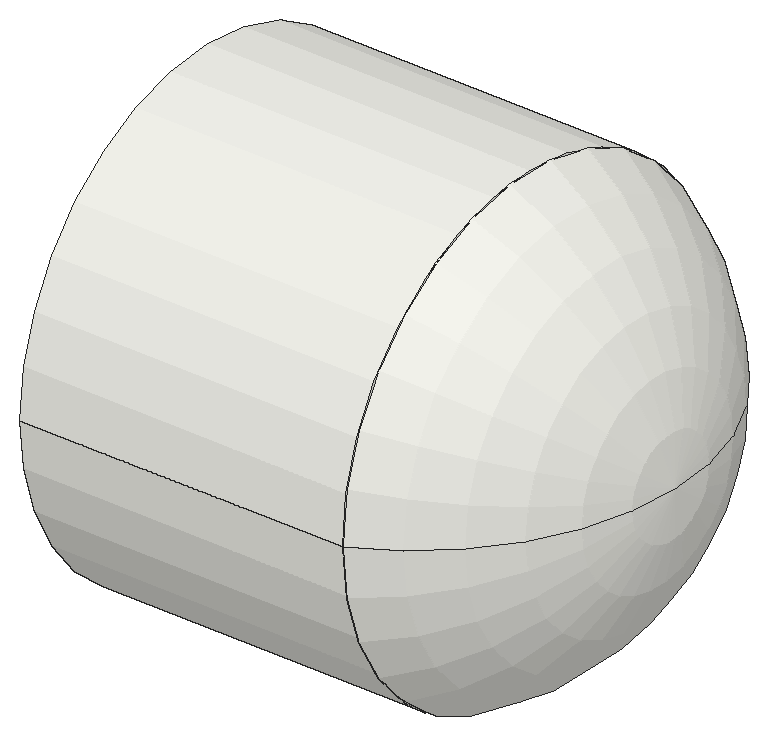
Revit family "PVC_Cap", category Pipe Fittings, Revit 2025
Family settings
  Round Connector Dimension = Use Radius
  Part Type = Cap
  OmniClass Number = 23.60.30.11.14
  OmniClass Title = Pipework Fittings
  Work Plane-Based = No
  Always vertical = Yes
  Cut with Voids When Loaded = No
  Shared = No
Parameters
  Socket Length [instance] = size_lookup(Lookup Table Name, "SLgt", 0.44 * Nominal Diameter + 161/256", Nominal Diameter)  # 3/4"
  Radius 1 [instance] = (Height - Socket Length) / 2 + 0.5 * (Socket Outside Radius ^ 2) / (Height - Socket Length)  # 0.6068"
  Nominal Radius [instance] = 1/4"
  Nominal Diameter [instance] = Nominal Radius * 2  # 1/2"
  Loss Method = Not Defined
  Lookup Table Name = "Cap - PVC - Sch 40"
  Length 1 [instance] = sqrt((Radius 1 - (Height - Socket Length)) ^ 2 + Socket Outside Radius ^ 2)  # 0.6068"
  Height [instance] = size_lookup(Lookup Table Name, "Hgt", 0.67 * Nominal Diameter + 215/256", Nominal Diameter)  # 1.09"
  Socket Outside Radius [instance] = Socket Outside Diameter / 2  # 0.545"
  Socket Outside Diameter [instance] = size_lookup(Lookup Table Name, "SOD", 1.11 * Nominal Diameter + 69/128", Nominal Diameter)  # 1.09"
  Default Elevation = 0.000 m
Reference planes (m)
  plane 1 "Center (Front/Back)": y = 0
  plane 2: z = 0
  plane 3 "Center (Left/Right)": x = 0
  plane 4: x = 0.01905
  plane 5: x = 0.027686
  plane 6: y = 0.013843
  plane 7: x = 0.012273
  plane 8: x = 0.027686
Forms (m)
  Extrusion 1, solid, material "PVC", detail levels fine
    sketch origin (0, 0, 0) x (0, 1, 0) y (0, 0, 1)
      loop
        circle (0, 0) r 0.013843
    from 0 to 0.01905
  Revolve 2, solid, material "PVC", detail levels fine
    sketch origin (0, 0, 0) x (1, 0, 0) y (0, 1, 0)
      loop
        line (0.01905, 0.013843) -> (0.01905, 0) -> (0.027686, 0)
        arc (0.027686, 0) -> (0.02535, 0.008158) -> (0.01905, 0.013843) r 0.015413
      axis (0.01905, 0) -> (0.027686, 0)
    angle from 0 to 360
Lines and regions (m)
  model lines, detail levels coarse+medium
    curve 1: line (0, 0.013843, 0) -> (0.027686, 0.013843, 0)
    curve 2: line (0.027686, 0.013843, 0) -> (0.027686, -0.013843, 0)
    curve 3: line (0.027686, -0.013843, 0) -> (0, -0.013843, 0)
Dimensions and locks (m)
  "Socket Length": plane 3 "Center (Left/Right)" to plane 4
  "Height": plane 3 "Center (Left/Right)" to plane 5
  equal spacing: curve 3, plane 1 "Center (Front/Back)", curve 1
  "Socket Outside Radius": plane 1 "Center (Front/Back)" to curve 1
  "Socket Outside Radius": plane 1 "Center (Front/Back)" to plane 6
  "Radius 1": plane 7 to plane 5
  "Length 1": plane 7 to plane 8
  "Socket Outside Radius": radius of Extrusion 1 sketch curve
  aligned and locked: level to Extrusion 1 sketch curve
  aligned and locked: plane 1 "Center (Front/Back)" to Extrusion 1 sketch curve
  aligned and locked: plane 4 to Extrusion 1
  aligned and locked: Extrusion 1 to plane 3 "Center (Left/Right)"
  aligned and locked: curve 2 to plane 5
  aligned and locked: plane 3 "Center (Left/Right)" to curve 1
  aligned and locked: plane 3 "Center (Left/Right)" to curve 3
  aligned and locked: plane 1 "Center (Front/Back)" to Revolve 2 sketch curve  (x4)
  aligned and locked: plane 7 to Revolve 2 sketch curve  (x2)
  aligned and locked: plane 4 to Revolve 2 sketch curve  (x3)
  aligned and locked: plane 6 to Revolve 2 sketch curve
Connectors (m)
  piping at (0, 0, 0), diameter 0.0127, driven by "Nominal Radius"
    settings: on Extrusion 1, index 1, connector inside diameter 1/2", connector length 0.000 m, flow factor 0, pipe flow 0 GPM, pressure drop 0.00 psi, fitting loss kfactor 0, connector angle 0.00°, fixture units 0, engagement length 0.000 m, angle of deflection 0.00°, flow configuration 0, flow direction 0, fitting loss method 0, system type 28, joint type 0, gender type 0, connector reference index -1, connector utility 0, adjustable connector no, is connector primary yes, connector description ""
